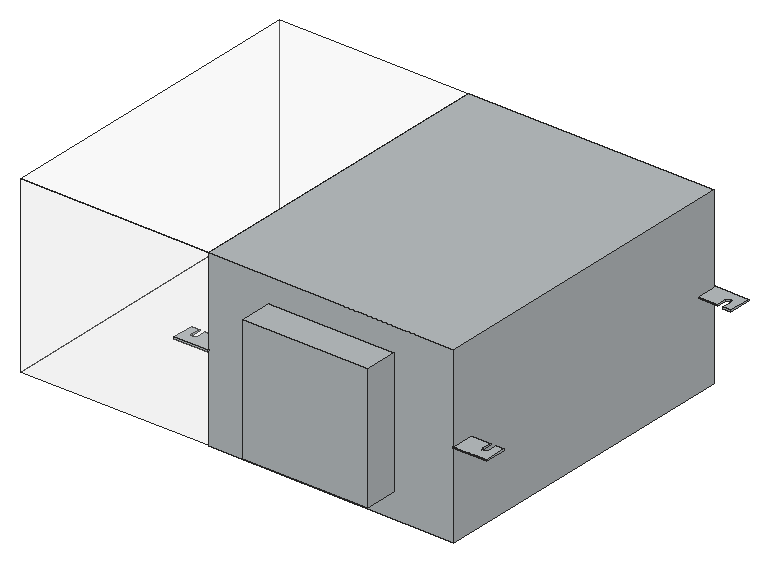
Revit family "2_天吊埋込タイプ 標準(角ダクト) 3相200V-60", category 機械設備, Revit 2019
Family settings
  丸型コネクタ寸法 = 直径を使用
  パーツ タイプ = 割り込み
  OmniClass 番号 = 23.75.35.17.24
  OmniClass タイトル = Axial Fans
  作業面ベース = いいえ
  常に垂直 = はい
  ロード時にボイドで切り取り = いいえ
  共有 = いいえ
  部屋計算ポイント = はい
Parameters (values of type "BFS-300TA1-60")
  騒音レベル(dB(A))_吸込 = 56
  騒音レベル(dB(A))_吐出 = 73
  騒音レベル(dB(A))_側面 = 46
  騒音レベル(dB(A)) = 73
  風量 [instance] = 設計風量  # 0.0 m³/h
  電源種別 [instance] = "一般"
  電圧 = 200 V
  電動機出力 = 1500 W
  電動機_種別 [instance] = ""
  運転質量 = 0.00 kg
  連動 [instance] = ""
  質量 = if(製品質量 > 運転質量, 製品質量, 運転質量) * 1.2  # 46.80 kg
  負荷分類 = 3_ファン類
  説明 = "ストレートシロッコファン天吊埋込タイプ（標準形）"
  設計風量 [instance] = 0.0 m³/h
  設置方法 = "天吊"
  記号 [instance] = ""
  製造元 = "三菱電機株式会社"
  製品質量 = 39.00 kg
  製品出荷対象 = "国内"
  製品リリース年月 = "2005年11月1日"
  製品グループ = ""
  系統 [instance] = ""
  符号 [instance] = if(☑給気／□排気, "FS", "FE")  # "FE"
  積算_科目 = "2 換気設備"
  積算_拾い区分 [instance] = ""
  相 = 3
  盤記号 [instance] = ""
  盤工事区分 = "電気工事"
  発停方法 [instance] = "別売スイッチ"
  番手 = "#2"
  特殊仕様 [instance] = ""
  火災停止 [instance] = ""
  消費電力 = 1270 W
  法定耐用年数 = "15"
  機外静圧 [instance] = 0.0 Pa
  極数 = 3
  極 = 4
  材質 [instance] = ""
  本体マテリアル = 溶融亜鉛めっき鋼板
  操作・制御方式 = ""
  操作・制御スイッチ = ""
  排気量 [instance] = if(☑給気／□排気, 0.0 m³/h, 設計風量)  # 0.0 m³/h
  形式 = ""
  形名 = BFS-TA1 : BFS-300TA1
  幹線記号 [instance] = ""
  対象室 [instance] = ""
  実風量 = 0.0 m³/h
  始動方式 [instance] = "直入"
  外気量 [instance] = if(☑給気／□排気, 設計風量, 0.0 m³/h)  # 0.0 m³/h
  呼称 = "消音ボックス付送風機"
  周波数 = 60 Hz
  天吊金具ピッチ幅 = 695 mm
  天吊金具ピッチ奥行 = 722 mm
  参照している仕様書等のバージョン = ""
  分類コード = "50052502100020"
  分類グループ = ""
  価格 = 194000
  企業コード = "108420"
  付属品_防振装置 = ""
  付属品 [instance] = ""
  仕様書バージョン = "Version1.0"
  モデル = "BFS-300TA1-60"
  ファンの種類 = "多翼形"
  ダクト高 = 298 mm
  ダクト幅 = 298 mm
  サービススペース = yes
  コメント [instance] = ""
  Keynote = ""
  ☑給気／□排気 [instance] = no
  Width = 586 mm
  Version = ""
  Uniclass2015Version = "Systems v1.9"
  Uniclass2015Title = "Centrifugal fans"
  Uniclass2015Code = "Pr_65_67_29_12"
  URL = "https://www.mitsubishielectric.co.jp/ldg/wink/ssl/displayProduct.do?pid=138111"
  SpecificationReference = ""
  SpecificationDescription = ""
  Revision = ""
  ProductInformation = ""
  OmniClassCode = "23-33 31 19 13 15"
  MIN風量 = 0.0 m³/h
  MIN静圧 = 0.0 Pa
  MID風量 = 0.0 m³/h
  MID静圧 = 0.0 Pa
  MAX風量 = 3000.0 m³/h
  MAX静圧 = 460.0 Pa
  M = 79 mm
  IfcTypeProduct = ""
  IfcProduct = ""
  IfcExportType = "CENTRIFUGALFORWARDCURVED"
  IfcExportAs = "IfcFanType"
  Height = 413 mm
  Depth = 775 mm
  Clearance Top = 0 mm  # constant formula
  Clearance Right = 0 mm  # constant formula
  Clearance Left = 450 mm  # constant formula
  Clearance Front = 0 mm  # constant formula
  Clearance Bottom = 0 mm  # constant formula
  Clearance Back = 0 mm  # constant formula
  Author = "三菱電機株式会社"
Reference planes
  plane 1 "中心(正面/背面)": y = 0
  plane 2: z = 0
  plane 3 "中心(左/右)": x = 0
  plane 4 "左": x = -293
  plane 5 "右": x = 293
  plane 6 "背面": y = 387.5
  plane 7 "正面": y = -387.5
  plane 8: z = 206.5
  plane 9: y = 361
  plane 10: y = -361
  plane 11: x = 347.5
  plane 12: x = -347.5
  plane 13: z = -206.5
  plane 14: z = 206.5
  plane 15: z = -206.5
  plane 16: y = 387.5
  plane 17: y = -387.5
  plane 18: x = -743
  plane 19: x = 293
Dimensions and locks
  "Width": plane 4 "左" to plane 5 "右"
  equal spacing: plane 7 "正面", plane 1 "中心(正面/背面)", plane 6 "背面"
  "Depth": plane 7 "正面" to plane 6 "背面"
  equal spacing: plane 8, level, plane 13
  "Height": plane 8 to plane 13
  "Clearance Right": plane 5 "右" to plane 19
  "Clearance Left": plane 18 to plane 4 "左"
  "Clearance Back": plane 6 "背面" to plane 16
  "Clearance Front": plane 17 to plane 7 "正面"
  "Clearance Top": plane 14 to plane 8
  "Clearance Bottom": plane 13 to plane 15
  equal spacing: plane 12, plane 3 "中心(左/右)", plane 11
  "天吊金具ピッチ幅": plane 12 to plane 11
  equal spacing: plane 10, plane 1 "中心(正面/背面)", plane 9
  "天吊金具ピッチ奥行": plane 10 to plane 9
  equal spacing: plane 4 "左", plane 3 "中心(左/右)", plane 5 "右"
  aligned and locked: level to plane 2
  aligned and locked: nested 2 to plane 9
  aligned and locked: plane 10 to nested 2
  aligned and locked: plane 12 to nested 2
  aligned and locked: plane 11 to nested 2
  aligned and locked: plane 8 to nested 1
  aligned and locked: plane 18 to nested 3
  aligned and locked: plane 17 to nested 3
  aligned and locked: plane 14 to nested 3
  aligned and locked: plane 15 to nested 3
  aligned and locked: plane 1 "中心(正面/背面)" to nested 1
  aligned and locked: nested 1 to plane 3 "中心(左/右)"
  aligned and locked: plane 16 to nested 3
  aligned and locked: plane 4 "左" to nested 3
Nested families
  nested 1: "BFS-TA1" at (0, 0, -206.5) x (0, -1, 0) z (0, 0, 1), type <- "形名", type "BFS-300TA1"
  nested 2: "固定点" at (-347.5, -361, 0), type "固定点"
    with W 695 mm, D 722 mm
  nested 3: "サービススペース" at (-518, 0, 0), visible <- "サービススペース", type "サービススペース"
    with Width 450 mm, Height 413 mm, Depth 775 mm
Connectors
  hvac at (0, -466.5, 0), driven by "ダクト高", driven by "ダクト幅", driven by "機外静圧", driven by "風量"
    settings: on nested 1, index 4, duct flow 0.0 m³/h, flow factor 0, pres drop 0.0 Pa, loss coef 0, conn angle 0.00°, conn width 298 mm, conn height 298 mm, conn diameter 609.6 mm, duct sys type 29, conn prof type 1, flow config 0, flow direction 2, loss method 4, conn ref index -1, conn util no, is conn primary yes, conn desc "Out"
  hvac at (0, 466.5, 0), driven by "ダクト高", driven by "ダクト幅", driven by "機外静圧", driven by "風量"
    settings: on nested 1, index 5, duct flow 0.0 m³/h, flow factor 0, pres drop 0.0 Pa, loss coef 0, conn angle 0.00°, conn width 298 mm, conn height 298 mm, conn diameter 609.6 mm, duct sys type 29, conn prof type 1, flow config 0, flow direction 1, loss method 4, conn ref index -1, conn util no, is conn primary no, conn desc "In"
  electrical at (-322.5, -259.5, -64), driven by "極数", driven by "負荷分類", driven by "電圧", driven by "消費電力"
    settings: on nested 1, index 6, voltage 200 V, apparent load 1270 VA, apparent load phase1 0 VA, apparent load phase2 0 VA, apparent load phase3 0 VA, power factor 1, load classification "3_ファン類", number of poles 3, system type 30, power factor state 1, is connector primary yes, connector utility no, sub classification motor no, connector description ""
Definition of nested family "BFS-TA1"
  Parameters (values of type "BFS-300TA1")
    端子カバー高 = 99 mm
    端子カバー手前位置 = 62.5 mm
    端子カバー幅 = 29.5 mm
    端子カバー奥行 = 131 mm
    端子カバー上位置 = 221 mm
    吊りボルト幅 = 695 mm
    吊りボルト奥行 = 772 mm
    マテリアル = none
    φ = 298 mm
    Φ = 298 mm
    kb_z = 50 mm
    b = 430 mm
    a = 79 mm
    W = 775 mm
    H = 413 mm
    c = 59 mm
    D = 586 mm
  Reference planes
    plane 1 "中心(正面/背面)": y = 0
    plane 2: z = 0
    plane 3 "中心(左/右)": x = 0
    plane 4: y = 293
    plane 5: y = 347.5
    plane 6: y = 373
    plane 7: y = -293
    plane 8: y = -347.5
    plane 9: y = -373
    plane 10: x = -387.5
    plane 11: x = -361
    plane 12: x = -390.5
    plane 13: x = 387.5
    plane 14: x = 361
    plane 15: x = 390.5
    plane 16: z = 413
    plane 17: z = 600
    plane 18: z = 900
    plane 19: z = 1200
    plane 20: x = -105
    plane 21: x = 325
    plane 22: x = 466.5
    plane 23: x = -466.5
    plane 24: z = 206.5
    plane 25: z = 203.5
    plane 26: z = 165.5
    plane 27: x = -338.5
    plane 28: y = -296
    plane 29: z = 188.5
    plane 30: x = 338.5
    plane 31: y = 296
    plane 32: x = 456.5
    plane 33: x = 397.5
    plane 34: x = -397.5
    plane 35: x = -456.5
    plane 36: x = 194
    plane 37: z = 192
    plane 38: z = 93
    plane 39: y = -322.5
    plane 40: z = 103
    plane 41: y = 149
    plane 42: y = -149
    plane 43: z = 355.5
    plane 44: z = 57.5
    plane 45: z = 182
  Forms (mm)
    Extrusion 1, solid, material <- "マテリアル", detail levels fine
      sketch origin (0, 0, 0) x (1, 0, 0) y (0, 1, 0)
        loop
          line (-387.5, 293) -> (-387.5, -293) -> (387.5, -293) -> (387.5, 293) -> (-387.5, 293)
      from 0 to 413
    Extrusion 2, solid, material <- "マテリアル", detail levels fine
      sketch origin (0, 0, 0) x (1, 0, 0) y (0, 1, 0)
        loop
          line (-390.5, -293) -> (-390.5, -373) -> (-338.5, -373) -> (-338.5, -354.25) -> (-361, -354.25)
          arc (-361, -354.25) -> (-367.75, -347.5) -> (-361, -340.75) r 6.75
          line (-361, -340.75) -> (-338.5, -340.75) -> (-338.5, -293) -> (-390.5, -293)
      from 203.5 to 206.5
    Extrusion 3, solid, material <- "マテリアル", detail levels fine
      sketch origin (0, 0, 0) x (1, 0, 0) y (0, 1, 0)
        loop
          line (-390.5, 293) -> (-338.5, 293) -> (-338.5, 340.75) -> (-361, 340.75)
          arc (-361, 340.75) -> (-367.75, 347.5) -> (-361, 354.25) r 6.75
          line (-361, 354.25) -> (-338.5, 354.25) -> (-338.5, 373) -> (-390.5, 373) -> (-390.5, 293)
      from 203.5 to 206.5
    Extrusion 4, solid, material <- "マテリアル", detail levels fine
      sketch origin (0, 0, 0) x (-1, 0, 0) y (0, -1, 0)
        loop
          line (-390.5, 293) -> (-338.5, 293) -> (-338.5, 340.75) -> (-361, 340.75)
          arc (-361, 340.75) -> (-367.75, 347.5) -> (-361, 354.25) r 6.75
          line (-361, 354.25) -> (-338.5, 354.25) -> (-338.5, 373) -> (-390.5, 373) -> (-390.5, 293)
      from 203.5 to 206.5
    Extrusion 5, solid, material <- "マテリアル", detail levels fine
      sketch origin (0, 0, 0) x (0, 1, 0) y (0, 0, 1)
        loop
          line (149, 57.5) -> (149, 355.5) -> (-149, 355.5) -> (-149, 57.5) -> (149, 57.5)
      from -387.5 to -466.5
    Extrusion 6, solid, material <- "マテリアル", detail levels fine
      sketch origin (0, 0, 0) x (0, 1, 0) y (0, 0, -1)
        loop
          line (-149, -355.5) -> (149, -355.5) -> (149, -57.5) -> (-149, -57.5) -> (-149, -355.5)
      from -387.5 to -466.5
    Extrusion 7, solid, material <- "マテリアル", detail levels fine
      sketch origin (0, 0, 0) x (1, 0, 0) y (0, 0, 1)
        loop
          line (325, 192) -> (194, 192) -> (194, 93) -> (325, 93) -> (325, 192)
      from 293 to 322.5
    Extrusion 8, solid, material <- "マテリアル", detail levels fine
      sketch origin (0, 0, 0) x (-1, 0, 0) y (0, -1, 0)
        loop
          line (-390.5, -293) -> (-390.5, -373) -> (-338.5, -373) -> (-338.5, -354.25) -> (-361, -354.25)
          arc (-361, -354.25) -> (-367.75, -347.5) -> (-361, -340.75) r 6.75
          line (-361, -340.75) -> (-338.5, -340.75) -> (-338.5, -293) -> (-390.5, -293)
      from 203.5 to 206.5
  Dimensions and locks
    plane 12 to plane 15 = 781 mm
    plane 11 to plane 14 = 722 mm
    "W": plane 10 to plane 13
    plane 9 to plane 6 = 746 mm
    plane 8 to plane 5 = 695 mm
    "D": plane 7 to plane 4
    equal spacing: plane 7, plane 1 "中心(正面/背面)", plane 4
    equal spacing: plane 10, plane 3 "中心(左/右)", plane 13
    "H": plane 16 to level
    locked: plane 4 to plane 5 at 54.5
    locked: plane 5 to plane 6 at 25.5
    locked: plane 8 to plane 7 at 54.5
    locked: plane 9 to plane 8 at 25.5
    locked: plane 10 to plane 11 at 26.5
    locked: plane 14 to plane 13 at 26.5
    locked: plane 13 to plane 15 at 3
    locked: plane 12 to plane 10 at 3
    equal spacing: plane 16, plane 24, level
    locked: plane 24 to plane 25 at 3
    locked: plane 24 to plane 26 at 41
    locked: plane 12 to plane 27 at 52
    locked: plane 28 to plane 7 at 3
    locked: plane 25 to plane 29 at 15
    locked: plane 30 to plane 15 at 52
    locked: plane 31 to plane 4 at 3
    "a": plane 23 to plane 10
    "a": plane 13 to plane 22
    locked: plane 23 to plane 35 at 10
    locked: plane 34 to plane 10 at 10
    locked: plane 13 to plane 33 at 10
    locked: plane 32 to plane 22 at 10
    "端子カバー手前位置": plane 13 to plane 21
    "b": plane 21 to plane 20
    "端子カバー奥行": plane 21 to plane 36
    "端子カバー高": plane 37 to plane 38
    "端子カバー幅": plane 39 to plane 7
    locked: plane 40 to plane 38 at 10
    equal spacing: plane 42, plane 1 "中心(正面/背面)", plane 41
    "Φ": plane 42 to plane 41
    equal spacing: plane 43, plane 24, plane 44
    "φ": plane 43 to plane 44
    locked: plane 37 to plane 45 at 10
    "端子カバー上位置": plane 16 to plane 37
    aligned and locked: level to plane 2
    aligned and locked: plane 4 to Extrusion 1 sketch curve
    aligned and locked: plane 10 to Extrusion 1 sketch curve
    aligned and locked: Extrusion 1 sketch curve to plane 7
    aligned and locked: Extrusion 1 sketch curve to plane 13
    aligned and locked: plane 16 to Extrusion 1
    aligned and locked: plane 7 to Extrusion 2 sketch curve
    aligned and locked: plane 12 to Extrusion 2 sketch curve
    aligned and locked: Extrusion 2 sketch curve to plane 9
    aligned and locked: Extrusion 2 sketch curve to plane 27  (x2)
    aligned and locked: plane 11 to Extrusion 2 sketch curve
    aligned and locked: plane 8 to Extrusion 2 sketch curve
    aligned and locked: plane 24 to Extrusion 2
    aligned and locked: Extrusion 2 to plane 25
    aligned and locked: plane 27 to Extrusion 3 sketch curve  (x2)
    aligned and locked: plane 5 to Extrusion 3 sketch curve
    aligned and locked: plane 11 to Extrusion 3 sketch curve
    aligned and locked: Extrusion 3 sketch curve to plane 6
    aligned and locked: Extrusion 3 sketch curve to plane 12
    aligned and locked: plane 4 to Extrusion 3 sketch curve
    aligned and locked: plane 24 to Extrusion 3
    aligned and locked: Extrusion 3 to plane 25
    aligned and locked: plane 9 to Extrusion 4 sketch curve
    aligned and locked: plane 15 to Extrusion 4 sketch curve
    aligned and locked: Extrusion 4 sketch curve to plane 7
    aligned and locked: Extrusion 4 sketch curve to plane 30  (x2)
    aligned and locked: plane 14 to Extrusion 4 sketch curve
    aligned and locked: plane 8 to Extrusion 4 sketch curve
    aligned and locked: Extrusion 4 to plane 25
    aligned and locked: plane 24 to Extrusion 4
    aligned and locked: plane 10 to Extrusion 5
    aligned and locked: Extrusion 6 to plane 13
    aligned and locked: plane 37 to Extrusion 7 sketch curve
    aligned and locked: plane 21 to Extrusion 7 sketch curve
    aligned and locked: Extrusion 7 sketch curve to plane 38
    aligned and locked: Extrusion 7 sketch curve to plane 36
    aligned and locked: Extrusion 7 to plane 7
    aligned and locked: plane 6 to Extrusion 8 sketch curve
    aligned and locked: plane 30 to Extrusion 8 sketch curve  (x2)
    aligned and locked: Extrusion 8 sketch curve to plane 4
    aligned and locked: Extrusion 8 sketch curve to plane 15
    aligned and locked: plane 5 to Extrusion 8 sketch curve
    aligned and locked: plane 14 to Extrusion 8 sketch curve
    aligned and locked: plane 24 to Extrusion 8
    aligned and locked: Extrusion 8 to plane 25
    aligned and locked: Extrusion 5 sketch curve to plane 41
    aligned and locked: Extrusion 5 sketch curve to plane 43
    aligned and locked: Extrusion 5 sketch curve to plane 42
    aligned and locked: plane 44 to Extrusion 5 sketch curve
    aligned and locked: Extrusion 5 to plane 23
    aligned and locked: Extrusion 6 sketch curve to Extrusion 5  (x4)
    aligned and locked: plane 22 to Extrusion 6
    aligned and locked: plane 39 to Extrusion 7
  Automatic sketch dimensions
    Extrusion 3 sketch curve to plane 5 = 6.75 mm
    plane 5 to Extrusion 8 sketch curve = 6.75 mm
    Extrusion 2 sketch curve to plane 8 = 6.75 mm
    plane 8 to Extrusion 4 sketch curve = 6.75 mm
Definition of nested family "サービススペース"
  Parameters (values of type "サービススペース")
    Width [instance] = 500 mm
    Height [instance] = 500 mm
    Depth [instance] = 500 mm
  Reference planes
    plane 1 "中心(正面/背面)": y = 0
    plane 2: z = 0
    plane 3 "中心(左/右)": x = 0
    plane 4: y = -250
    plane 5: x = 250
    plane 6: y = 250
    plane 7: x = -250
    plane 8: z = 250
    plane 9: z = -250
  Forms (mm)
    Extrusion 1, solid
      sketch origin (-638.939, 0, 72.39) x (1, 0, 0) y (0, 1, 0)
        loop
          line (388.939, 250) -> (388.939, -250) -> (888.939, -250) -> (888.939, 250) -> (388.939, 250)
      from -322.39 to 177.61
  Lines and regions (mm)
    symbolic lines
      curve 1: line (-250, 0, 250) -> (250, 0, 250)
      curve 2: line (-250, 0, -250) -> (-250, 0, 250)
      curve 3: line (250, 0, -250) -> (-250, 0, -250)
      curve 4: line (250, 0, 250) -> (250, 0, -250)
      curve 5: line (0, -250, 250) -> (0, 250, 250)
      curve 6: line (0, -250, -250) -> (0, -250, 250)
      curve 7: line (0, 250, -250) -> (0, -250, -250)
      curve 8: line (0, 250, 250) -> (0, 250, -250)
      curve 9: line (-250, 250, 0) -> (250, 250, 0)
      curve 10: line (-250, -250, 0) -> (-250, 250, 0)
      curve 11: line (250, -250, 0) -> (-250, -250, 0)
      curve 12: line (250, 250, 0) -> (250, -250, 0)
  Dimensions and locks
    equal spacing: plane 7, plane 3 "中心(左/右)", plane 5
    equal spacing: plane 4, plane 1 "中心(正面/背面)", plane 6
    "Depth": plane 4 to plane 6
    "Width": plane 7 to plane 5
    equal spacing: plane 8, plane 2, plane 9
    "Height": plane 8 to plane 9
    aligned and locked: plane 9 to curve 3
    aligned and locked: plane 7 to curve 2
    aligned and locked: curve 4 to plane 5
    aligned and locked: plane 5 to Extrusion 1
    aligned and locked: Extrusion 1 to plane 7
    aligned and locked: Extrusion 1 to plane 9
    aligned and locked: plane 8 to Extrusion 1
    aligned and locked: plane 9 to curve 7
  Automatic sketch dimensions
    plane 4 to Extrusion 1 sketch curve = 0 mm
    Extrusion 1 sketch curve to plane 7 = 0 mm
    Extrusion 1 sketch curve to plane 5 = 0 mm
    plane 6 to Extrusion 1 sketch curve = 0 mm
    curve 2 to plane 8 = 0 mm
    plane 4 to curve 11 = 0 mm
    curve 11 to plane 7 = 0 mm
    curve 11 to plane 5 = 0 mm
    plane 6 to curve 10 = 0 mm
    curve 7 to plane 4 = 0 mm
    curve 7 to plane 6 = 0 mm
    curve 6 to plane 8 = 0 mm
Definition of nested family "固定点"
  Parameters (values of type "固定点")
    中心円 = 13.5 mm
    W [instance] = 1000 mm
    D [instance] = 1000 mm
  Reference planes
    plane 1 "中心(正面/背面)": y = 0
    plane 2: z = 0
    plane 3 "中心(左/右)": x = 0
    plane 4: x = 1000
    plane 5: y = 1000
  Lines and regions (mm)
    symbolic lines, detail levels fine
      curve 1: circle (0, 1000, 0) r 6.75 normal (0, 0, 1)
      curve 2: circle (0, 0, 0) r 6.75 normal (0, 0, 1)
      curve 3: circle (1000, 1000, 0) r 6.75 normal (0, 0, 1)
      curve 4: circle (1000, 0, 0) r 6.75 normal (0, 0, 1)
      curve 5: line (-200, 1000, 0) -> (1200, 1000, 0)
      curve 6: line (-200, 0, 0) -> (1200, 0, 0)
      curve 7: line (0, 1200, 0) -> (0, -200, 0)
      curve 8: line (1000, 1200, 0) -> (1000, -200, 0)
  Dimensions and locks
    "W": plane 3 "中心(左/右)" to plane 4
    "D": plane 1 "中心(正面/背面)" to plane 5
    "中心円": diameter of curve 1
    "中心円": diameter of curve 2
    "中心円": diameter of curve 3
    "中心円": diameter of curve 4
    aligned and locked: level to plane 2
    aligned and locked: plane 5 to curve 1
    aligned and locked: plane 3 "中心(左/右)" to curve 1
    aligned and locked: plane 3 "中心(左/右)" to curve 2
    aligned and locked: plane 1 "中心(正面/背面)" to curve 2
    aligned and locked: plane 4 to curve 3
    aligned and locked: plane 5 to curve 3
    aligned and locked: plane 1 "中心(正面/背面)" to curve 4
    aligned and locked: plane 4 to curve 4
    aligned and locked: plane 1 "中心(正面/背面)" to curve 6
    aligned and locked: curve 7 to plane 3 "中心(左/右)"
    aligned and locked: curve 8 to plane 4
  Automatic sketch dimensions
    curve 5 to plane 5 = 0 mm
    curve 6 to plane 3 "中心(左/右)" = 200 mm
    curve 5 to plane 3 "中心(左/右)" = 200 mm
    curve 4 to curve 6 = 200 mm
    curve 3 to curve 5 = 200 mm
    plane 1 "中心(正面/背面)" to curve 8 = 200 mm
    plane 1 "中心(正面/背面)" to curve 7 = 200 mm
    curve 3 to curve 8 = 200 mm
    curve 1 to curve 7 = 200 mm
